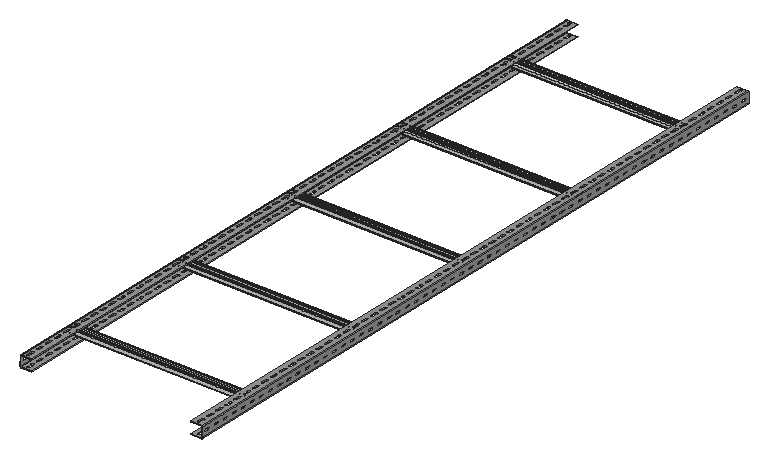
Revit family "steigeleiter_8_FT_FTSO_FTK_A2_A4.800rfa", category Generic Models, Revit 2017
Family settings
  Can host rebar = No
  Round Connector Dimension = Use Diameter
  Part Type = Normal
  Work Plane-Based = No
  Always vertical = Yes
  Cut with Voids When Loaded = No
  Shared = No
  Room Calculation Point = No
Parameters (values of type "SLM 50 C40 8 FT")
  Width 1 = Width / 2  # 400 mm
  Width = 800 mm
  URL = "http://www.obo-bettermann.com"
  Material = Hot-dip galvanised
  Manufacturer Art.No. = "6010520"
  Manufacturer = "OBO BETTERMANN"
  Length 2 = 273.5 mm
  Length = 3000 mm
  GTIN = "4012196168736"
  Cut's space 2 = 600 mm
  Cut's space = 50 mm
  Cut's number 3 = 2
  Cut's number 2 = 5
  Cut's number = Length / Cut's space  # 60
  Article Type = "SLM 50 C40 8 FT"
Reference planes
  plane 1 "Center (Front/Back)": y = 0
  plane 2: z = 0
  plane 3 "Center (Left/Right)": x = 0
  plane 4: z = 50
  plane 5: y = 3000
  plane 6: y = 273.5
Forms (mm)
  Extrusion 1, solid, material "Hot-dip galvanised" <- "Material"
    sketch origin (0, 0, 0) x (1, 0, 0) y (0, 0, 1)
      loop
        arc (-396, 2.5) -> (-397.061, 2.939) -> (-397.5, 4) r 1.5
        line (-397.5, 4) -> (-397.5, 46)
        arc (-397.5, 46) -> (-397.061, 47.061) -> (-396, 47.5) r 1.5
        line (-396, 47.5) -> (-350, 47.5) -> (-350, 50) -> (-396, 50)
        arc (-396, 50) -> (-398.828, 48.828) -> (-400, 46) r 4
        line (-400, 46) -> (-400, 4)
        arc (-400, 4) -> (-398.828, 1.172) -> (-396, 0) r 4
        line (-396, 0) -> (-350, 0) -> (-350, 2.5) -> (-396, 2.5)
      loop
        line (350, 50) -> (350, 47.5) -> (396, 47.5)
        arc (396, 47.5) -> (397.061, 47.061) -> (397.5, 46) r 1.5
        line (397.5, 46) -> (397.5, 4)
        arc (397.5, 4) -> (397.061, 2.939) -> (396, 2.5) r 1.5
        line (396, 2.5) -> (350, 2.5) -> (350, 0) -> (399.273, 0)
        arc (399.273, 0) -> (399.787, 0.213) -> (400, 0.727) r 0.727
        line (400, 0.727) -> (400, 47.011)
        arc (400, 47.011) -> (399.124, 49.124) -> (397.011, 50) r 2.989
        line (397.011, 50) -> (350, 50)
    from 0 to -3000
  Extrusion 2, void
    sketch origin (0, 0, 0) x (1, 0, 0) y (0, 1, 0)
      loop
        arc (-380.5, 15.5) -> (-375, 10) -> (-369.5, 15.5) r 5.5
        line (-369.5, 15.5) -> (-369.5, 34.5)
        arc (-369.5, 34.5) -> (-375, 40) -> (-380.5, 34.5) r 5.5
        line (-380.5, 34.5) -> (-380.5, 15.5)
    from 47.5 to 50
  Extrusion 3, void
    sketch origin (0, 50, 0) x (1, 0, 0) y (0, 1, 0)
      loop
        arc (-380.5, 15.5) -> (-375, 10) -> (-369.5, 15.5) r 5.5
        line (-369.5, 15.5) -> (-369.5, 34.5)
        arc (-369.5, 34.5) -> (-375, 40) -> (-380.5, 34.5) r 5.5
        line (-380.5, 34.5) -> (-380.5, 15.5)
    from 47.5 to 50
  Extrusion 4, void
    sketch origin (0, 100, 0) x (1, 0, 0) y (0, 1, 0)
      loop
        arc (-380.5, 15.5) -> (-375, 10) -> (-369.5, 15.5) r 5.5
        line (-369.5, 15.5) -> (-369.5, 34.5)
        arc (-369.5, 34.5) -> (-375, 40) -> (-380.5, 34.5) r 5.5
        line (-380.5, 34.5) -> (-380.5, 15.5)
    from 47.5 to 50
  Extrusion 5, void
    sketch origin (0, 150, 0) x (1, 0, 0) y (0, 1, 0)
      loop
        arc (-380.5, 15.5) -> (-375, 10) -> (-369.5, 15.5) r 5.5
        line (-369.5, 15.5) -> (-369.5, 34.5)
        arc (-369.5, 34.5) -> (-375, 40) -> (-380.5, 34.5) r 5.5
        line (-380.5, 34.5) -> (-380.5, 15.5)
    from 47.5 to 50
  Extrusion 6, void
    sketch origin (0, 200, 0) x (1, 0, 0) y (0, 1, 0)
      loop
        arc (-380.5, 15.5) -> (-375, 10) -> (-369.5, 15.5) r 5.5
        line (-369.5, 15.5) -> (-369.5, 34.5)
        arc (-369.5, 34.5) -> (-375, 40) -> (-380.5, 34.5) r 5.5
        line (-380.5, 34.5) -> (-380.5, 15.5)
    from 47.5 to 50
  Extrusion 7, void
    sketch origin (0, 250, 0) x (1, 0, 0) y (0, 1, 0)
      loop
        arc (-380.5, 15.5) -> (-375, 10) -> (-369.5, 15.5) r 5.5
        line (-369.5, 15.5) -> (-369.5, 34.5)
        arc (-369.5, 34.5) -> (-375, 40) -> (-380.5, 34.5) r 5.5
        line (-380.5, 34.5) -> (-380.5, 15.5)
    from 47.5 to 50
  Extrusion 8, void
    sketch origin (0, 300, 0) x (1, 0, 0) y (0, 1, 0)
      loop
        arc (-380.5, 15.5) -> (-375, 10) -> (-369.5, 15.5) r 5.5
        line (-369.5, 15.5) -> (-369.5, 34.5)
        arc (-369.5, 34.5) -> (-375, 40) -> (-380.5, 34.5) r 5.5
        line (-380.5, 34.5) -> (-380.5, 15.5)
    from 47.5 to 50
  Extrusion 9, void
    sketch origin (0, 350, 0) x (1, 0, 0) y (0, 1, 0)
      loop
        arc (-380.5, 15.5) -> (-375, 10) -> (-369.5, 15.5) r 5.5
        line (-369.5, 15.5) -> (-369.5, 34.5)
        arc (-369.5, 34.5) -> (-375, 40) -> (-380.5, 34.5) r 5.5
        line (-380.5, 34.5) -> (-380.5, 15.5)
    from 47.5 to 50
  Extrusion 10, void
    sketch origin (0, 400, 0) x (1, 0, 0) y (0, 1, 0)
      loop
        arc (-380.5, 15.5) -> (-375, 10) -> (-369.5, 15.5) r 5.5
        line (-369.5, 15.5) -> (-369.5, 34.5)
        arc (-369.5, 34.5) -> (-375, 40) -> (-380.5, 34.5) r 5.5
        line (-380.5, 34.5) -> (-380.5, 15.5)
    from 47.5 to 50
  Extrusion 11, void
    sketch origin (0, 450, 0) x (1, 0, 0) y (0, 1, 0)
      loop
        arc (-380.5, 15.5) -> (-375, 10) -> (-369.5, 15.5) r 5.5
        line (-369.5, 15.5) -> (-369.5, 34.5)
        arc (-369.5, 34.5) -> (-375, 40) -> (-380.5, 34.5) r 5.5
        line (-380.5, 34.5) -> (-380.5, 15.5)
    from 47.5 to 50
  Extrusion 12, void
    sketch origin (0, 500, 0) x (1, 0, 0) y (0, 1, 0)
      loop
        arc (-380.5, 15.5) -> (-375, 10) -> (-369.5, 15.5) r 5.5
        line (-369.5, 15.5) -> (-369.5, 34.5)
        arc (-369.5, 34.5) -> (-375, 40) -> (-380.5, 34.5) r 5.5
        line (-380.5, 34.5) -> (-380.5, 15.5)
    from 47.5 to 50
  Extrusion 13, void
    sketch origin (0, 550, 0) x (1, 0, 0) y (0, 1, 0)
      loop
        arc (-380.5, 15.5) -> (-375, 10) -> (-369.5, 15.5) r 5.5
        line (-369.5, 15.5) -> (-369.5, 34.5)
        arc (-369.5, 34.5) -> (-375, 40) -> (-380.5, 34.5) r 5.5
        line (-380.5, 34.5) -> (-380.5, 15.5)
    from 47.5 to 50
  Extrusion 14, void
    sketch origin (0, 600, 0) x (1, 0, 0) y (0, 1, 0)
      loop
        arc (-380.5, 15.5) -> (-375, 10) -> (-369.5, 15.5) r 5.5
        line (-369.5, 15.5) -> (-369.5, 34.5)
        arc (-369.5, 34.5) -> (-375, 40) -> (-380.5, 34.5) r 5.5
        line (-380.5, 34.5) -> (-380.5, 15.5)
    from 47.5 to 50
  Extrusion 15, void
    sketch origin (0, 650, 0) x (1, 0, 0) y (0, 1, 0)
      loop
        arc (-380.5, 15.5) -> (-375, 10) -> (-369.5, 15.5) r 5.5
        line (-369.5, 15.5) -> (-369.5, 34.5)
        arc (-369.5, 34.5) -> (-375, 40) -> (-380.5, 34.5) r 5.5
        line (-380.5, 34.5) -> (-380.5, 15.5)
    from 47.5 to 50
  Extrusion 16, void
    sketch origin (0, 700, 0) x (1, 0, 0) y (0, 1, 0)
      loop
        arc (-380.5, 15.5) -> (-375, 10) -> (-369.5, 15.5) r 5.5
        line (-369.5, 15.5) -> (-369.5, 34.5)
        arc (-369.5, 34.5) -> (-375, 40) -> (-380.5, 34.5) r 5.5
        line (-380.5, 34.5) -> (-380.5, 15.5)
    from 47.5 to 50
  Extrusion 17, void
    sketch origin (0, 750, 0) x (1, 0, 0) y (0, 1, 0)
      loop
        arc (-380.5, 15.5) -> (-375, 10) -> (-369.5, 15.5) r 5.5
        line (-369.5, 15.5) -> (-369.5, 34.5)
        arc (-369.5, 34.5) -> (-375, 40) -> (-380.5, 34.5) r 5.5
        line (-380.5, 34.5) -> (-380.5, 15.5)
    from 47.5 to 50
  Extrusion 18, void
    sketch origin (0, 800, 0) x (1, 0, 0) y (0, 1, 0)
      loop
        arc (-380.5, 15.5) -> (-375, 10) -> (-369.5, 15.5) r 5.5
        line (-369.5, 15.5) -> (-369.5, 34.5)
        arc (-369.5, 34.5) -> (-375, 40) -> (-380.5, 34.5) r 5.5
        line (-380.5, 34.5) -> (-380.5, 15.5)
    from 47.5 to 50
  Extrusion 19, void
    sketch origin (0, 850, 0) x (1, 0, 0) y (0, 1, 0)
      loop
        arc (-380.5, 15.5) -> (-375, 10) -> (-369.5, 15.5) r 5.5
        line (-369.5, 15.5) -> (-369.5, 34.5)
        arc (-369.5, 34.5) -> (-375, 40) -> (-380.5, 34.5) r 5.5
        line (-380.5, 34.5) -> (-380.5, 15.5)
    from 47.5 to 50
  Extrusion 20, void
    sketch origin (0, 900, 0) x (1, 0, 0) y (0, 1, 0)
      loop
        arc (-380.5, 15.5) -> (-375, 10) -> (-369.5, 15.5) r 5.5
        line (-369.5, 15.5) -> (-369.5, 34.5)
        arc (-369.5, 34.5) -> (-375, 40) -> (-380.5, 34.5) r 5.5
        line (-380.5, 34.5) -> (-380.5, 15.5)
    from 47.5 to 50
  Extrusion 21, void
    sketch origin (0, 950, 0) x (1, 0, 0) y (0, 1, 0)
      loop
        arc (-380.5, 15.5) -> (-375, 10) -> (-369.5, 15.5) r 5.5
        line (-369.5, 15.5) -> (-369.5, 34.5)
        arc (-369.5, 34.5) -> (-375, 40) -> (-380.5, 34.5) r 5.5
        line (-380.5, 34.5) -> (-380.5, 15.5)
    from 47.5 to 50
  Extrusion 22, void
    sketch origin (0, 1000, 0) x (1, 0, 0) y (0, 1, 0)
      loop
        arc (-380.5, 15.5) -> (-375, 10) -> (-369.5, 15.5) r 5.5
        line (-369.5, 15.5) -> (-369.5, 34.5)
        arc (-369.5, 34.5) -> (-375, 40) -> (-380.5, 34.5) r 5.5
        line (-380.5, 34.5) -> (-380.5, 15.5)
    from 47.5 to 50
  Extrusion 23, void
    sketch origin (0, 1050, 0) x (1, 0, 0) y (0, 1, 0)
      loop
        arc (-380.5, 15.5) -> (-375, 10) -> (-369.5, 15.5) r 5.5
        line (-369.5, 15.5) -> (-369.5, 34.5)
        arc (-369.5, 34.5) -> (-375, 40) -> (-380.5, 34.5) r 5.5
        line (-380.5, 34.5) -> (-380.5, 15.5)
    from 47.5 to 50
  Extrusion 24, void
    sketch origin (0, 1100, 0) x (1, 0, 0) y (0, 1, 0)
      loop
        arc (-380.5, 15.5) -> (-375, 10) -> (-369.5, 15.5) r 5.5
        line (-369.5, 15.5) -> (-369.5, 34.5)
        arc (-369.5, 34.5) -> (-375, 40) -> (-380.5, 34.5) r 5.5
        line (-380.5, 34.5) -> (-380.5, 15.5)
    from 47.5 to 50
  Extrusion 25, void
    sketch origin (0, 1150, 0) x (1, 0, 0) y (0, 1, 0)
      loop
        arc (-380.5, 15.5) -> (-375, 10) -> (-369.5, 15.5) r 5.5
        line (-369.5, 15.5) -> (-369.5, 34.5)
        arc (-369.5, 34.5) -> (-375, 40) -> (-380.5, 34.5) r 5.5
        line (-380.5, 34.5) -> (-380.5, 15.5)
    from 47.5 to 50
  Extrusion 26, void
    sketch origin (0, 1200, 0) x (1, 0, 0) y (0, 1, 0)
      loop
        arc (-380.5, 15.5) -> (-375, 10) -> (-369.5, 15.5) r 5.5
        line (-369.5, 15.5) -> (-369.5, 34.5)
        arc (-369.5, 34.5) -> (-375, 40) -> (-380.5, 34.5) r 5.5
        line (-380.5, 34.5) -> (-380.5, 15.5)
    from 47.5 to 50
  Extrusion 27, void
    sketch origin (0, 1250, 0) x (1, 0, 0) y (0, 1, 0)
      loop
        arc (-380.5, 15.5) -> (-375, 10) -> (-369.5, 15.5) r 5.5
        line (-369.5, 15.5) -> (-369.5, 34.5)
        arc (-369.5, 34.5) -> (-375, 40) -> (-380.5, 34.5) r 5.5
        line (-380.5, 34.5) -> (-380.5, 15.5)
    from 47.5 to 50
  Extrusion 28, void
    sketch origin (0, 1300, 0) x (1, 0, 0) y (0, 1, 0)
      loop
        arc (-380.5, 15.5) -> (-375, 10) -> (-369.5, 15.5) r 5.5
        line (-369.5, 15.5) -> (-369.5, 34.5)
        arc (-369.5, 34.5) -> (-375, 40) -> (-380.5, 34.5) r 5.5
        line (-380.5, 34.5) -> (-380.5, 15.5)
    from 47.5 to 50
  Extrusion 29, void
    sketch origin (0, 1350, 0) x (1, 0, 0) y (0, 1, 0)
      loop
        arc (-380.5, 15.5) -> (-375, 10) -> (-369.5, 15.5) r 5.5
        line (-369.5, 15.5) -> (-369.5, 34.5)
        arc (-369.5, 34.5) -> (-375, 40) -> (-380.5, 34.5) r 5.5
        line (-380.5, 34.5) -> (-380.5, 15.5)
    from 47.5 to 50
  Extrusion 30, void
    sketch origin (0, 1400, 0) x (1, 0, 0) y (0, 1, 0)
      loop
        arc (-380.5, 15.5) -> (-375, 10) -> (-369.5, 15.5) r 5.5
        line (-369.5, 15.5) -> (-369.5, 34.5)
        arc (-369.5, 34.5) -> (-375, 40) -> (-380.5, 34.5) r 5.5
        line (-380.5, 34.5) -> (-380.5, 15.5)
    from 47.5 to 50
  Extrusion 31, void
    sketch origin (0, 1450, 0) x (1, 0, 0) y (0, 1, 0)
      loop
        arc (-380.5, 15.5) -> (-375, 10) -> (-369.5, 15.5) r 5.5
        line (-369.5, 15.5) -> (-369.5, 34.5)
        arc (-369.5, 34.5) -> (-375, 40) -> (-380.5, 34.5) r 5.5
        line (-380.5, 34.5) -> (-380.5, 15.5)
    from 47.5 to 50
  Extrusion 32, void
    sketch origin (0, 1500, 0) x (1, 0, 0) y (0, 1, 0)
      loop
        arc (-380.5, 15.5) -> (-375, 10) -> (-369.5, 15.5) r 5.5
        line (-369.5, 15.5) -> (-369.5, 34.5)
        arc (-369.5, 34.5) -> (-375, 40) -> (-380.5, 34.5) r 5.5
        line (-380.5, 34.5) -> (-380.5, 15.5)
    from 47.5 to 50
  Extrusion 33, void
    sketch origin (0, 1550, 0) x (1, 0, 0) y (0, 1, 0)
      loop
        arc (-380.5, 15.5) -> (-375, 10) -> (-369.5, 15.5) r 5.5
        line (-369.5, 15.5) -> (-369.5, 34.5)
        arc (-369.5, 34.5) -> (-375, 40) -> (-380.5, 34.5) r 5.5
        line (-380.5, 34.5) -> (-380.5, 15.5)
    from 47.5 to 50
  Extrusion 34, void
    sketch origin (0, 1600, 0) x (1, 0, 0) y (0, 1, 0)
      loop
        arc (-380.5, 15.5) -> (-375, 10) -> (-369.5, 15.5) r 5.5
        line (-369.5, 15.5) -> (-369.5, 34.5)
        arc (-369.5, 34.5) -> (-375, 40) -> (-380.5, 34.5) r 5.5
        line (-380.5, 34.5) -> (-380.5, 15.5)
    from 47.5 to 50
  Extrusion 35, void
    sketch origin (0, 1650, 0) x (1, 0, 0) y (0, 1, 0)
      loop
        arc (-380.5, 15.5) -> (-375, 10) -> (-369.5, 15.5) r 5.5
        line (-369.5, 15.5) -> (-369.5, 34.5)
        arc (-369.5, 34.5) -> (-375, 40) -> (-380.5, 34.5) r 5.5
        line (-380.5, 34.5) -> (-380.5, 15.5)
    from 47.5 to 50
  Extrusion 36, void
    sketch origin (0, 1700, 0) x (1, 0, 0) y (0, 1, 0)
      loop
        arc (-380.5, 15.5) -> (-375, 10) -> (-369.5, 15.5) r 5.5
        line (-369.5, 15.5) -> (-369.5, 34.5)
        arc (-369.5, 34.5) -> (-375, 40) -> (-380.5, 34.5) r 5.5
        line (-380.5, 34.5) -> (-380.5, 15.5)
    from 47.5 to 50
  Extrusion 37, void
    sketch origin (0, 1750, 0) x (1, 0, 0) y (0, 1, 0)
      loop
        arc (-380.5, 15.5) -> (-375, 10) -> (-369.5, 15.5) r 5.5
        line (-369.5, 15.5) -> (-369.5, 34.5)
        arc (-369.5, 34.5) -> (-375, 40) -> (-380.5, 34.5) r 5.5
        line (-380.5, 34.5) -> (-380.5, 15.5)
    from 47.5 to 50
  Extrusion 38, void
    sketch origin (0, 1800, 0) x (1, 0, 0) y (0, 1, 0)
      loop
        arc (-380.5, 15.5) -> (-375, 10) -> (-369.5, 15.5) r 5.5
        line (-369.5, 15.5) -> (-369.5, 34.5)
        arc (-369.5, 34.5) -> (-375, 40) -> (-380.5, 34.5) r 5.5
        line (-380.5, 34.5) -> (-380.5, 15.5)
    from 47.5 to 50
  Extrusion 39, void
    sketch origin (0, 1850, 0) x (1, 0, 0) y (0, 1, 0)
      loop
        arc (-380.5, 15.5) -> (-375, 10) -> (-369.5, 15.5) r 5.5
        line (-369.5, 15.5) -> (-369.5, 34.5)
        arc (-369.5, 34.5) -> (-375, 40) -> (-380.5, 34.5) r 5.5
        line (-380.5, 34.5) -> (-380.5, 15.5)
    from 47.5 to 50
  Extrusion 40, void
    sketch origin (0, 1900, 0) x (1, 0, 0) y (0, 1, 0)
      loop
        arc (-380.5, 15.5) -> (-375, 10) -> (-369.5, 15.5) r 5.5
        line (-369.5, 15.5) -> (-369.5, 34.5)
        arc (-369.5, 34.5) -> (-375, 40) -> (-380.5, 34.5) r 5.5
        line (-380.5, 34.5) -> (-380.5, 15.5)
    from 47.5 to 50
  Extrusion 41, void
    sketch origin (0, 1950, 0) x (1, 0, 0) y (0, 1, 0)
      loop
        arc (-380.5, 15.5) -> (-375, 10) -> (-369.5, 15.5) r 5.5
        line (-369.5, 15.5) -> (-369.5, 34.5)
        arc (-369.5, 34.5) -> (-375, 40) -> (-380.5, 34.5) r 5.5
        line (-380.5, 34.5) -> (-380.5, 15.5)
    from 47.5 to 50
  Extrusion 42, void
    sketch origin (0, 2000, 0) x (1, 0, 0) y (0, 1, 0)
      loop
        arc (-380.5, 15.5) -> (-375, 10) -> (-369.5, 15.5) r 5.5
        line (-369.5, 15.5) -> (-369.5, 34.5)
        arc (-369.5, 34.5) -> (-375, 40) -> (-380.5, 34.5) r 5.5
        line (-380.5, 34.5) -> (-380.5, 15.5)
    from 47.5 to 50
  Extrusion 43, void
    sketch origin (0, 2050, 0) x (1, 0, 0) y (0, 1, 0)
      loop
        arc (-380.5, 15.5) -> (-375, 10) -> (-369.5, 15.5) r 5.5
        line (-369.5, 15.5) -> (-369.5, 34.5)
        arc (-369.5, 34.5) -> (-375, 40) -> (-380.5, 34.5) r 5.5
        line (-380.5, 34.5) -> (-380.5, 15.5)
    from 47.5 to 50
  Extrusion 44, void
    sketch origin (0, 2100, 0) x (1, 0, 0) y (0, 1, 0)
      loop
        arc (-380.5, 15.5) -> (-375, 10) -> (-369.5, 15.5) r 5.5
        line (-369.5, 15.5) -> (-369.5, 34.5)
        arc (-369.5, 34.5) -> (-375, 40) -> (-380.5, 34.5) r 5.5
        line (-380.5, 34.5) -> (-380.5, 15.5)
    from 47.5 to 50
  Extrusion 45, void
    sketch origin (0, 2150, 0) x (1, 0, 0) y (0, 1, 0)
      loop
        arc (-380.5, 15.5) -> (-375, 10) -> (-369.5, 15.5) r 5.5
        line (-369.5, 15.5) -> (-369.5, 34.5)
        arc (-369.5, 34.5) -> (-375, 40) -> (-380.5, 34.5) r 5.5
        line (-380.5, 34.5) -> (-380.5, 15.5)
    from 47.5 to 50
  Extrusion 46, void
    sketch origin (0, 2200, 0) x (1, 0, 0) y (0, 1, 0)
      loop
        arc (-380.5, 15.5) -> (-375, 10) -> (-369.5, 15.5) r 5.5
        line (-369.5, 15.5) -> (-369.5, 34.5)
        arc (-369.5, 34.5) -> (-375, 40) -> (-380.5, 34.5) r 5.5
        line (-380.5, 34.5) -> (-380.5, 15.5)
    from 47.5 to 50
  Extrusion 47, void
    sketch origin (0, 2250, 0) x (1, 0, 0) y (0, 1, 0)
      loop
        arc (-380.5, 15.5) -> (-375, 10) -> (-369.5, 15.5) r 5.5
        line (-369.5, 15.5) -> (-369.5, 34.5)
        arc (-369.5, 34.5) -> (-375, 40) -> (-380.5, 34.5) r 5.5
        line (-380.5, 34.5) -> (-380.5, 15.5)
    from 47.5 to 50
  Extrusion 48, void
    sketch origin (0, 2300, 0) x (1, 0, 0) y (0, 1, 0)
      loop
        arc (-380.5, 15.5) -> (-375, 10) -> (-369.5, 15.5) r 5.5
        line (-369.5, 15.5) -> (-369.5, 34.5)
        arc (-369.5, 34.5) -> (-375, 40) -> (-380.5, 34.5) r 5.5
        line (-380.5, 34.5) -> (-380.5, 15.5)
    from 47.5 to 50
  Extrusion 49, void
    sketch origin (0, 2350, 0) x (1, 0, 0) y (0, 1, 0)
      loop
        arc (-380.5, 15.5) -> (-375, 10) -> (-369.5, 15.5) r 5.5
        line (-369.5, 15.5) -> (-369.5, 34.5)
        arc (-369.5, 34.5) -> (-375, 40) -> (-380.5, 34.5) r 5.5
        line (-380.5, 34.5) -> (-380.5, 15.5)
    from 47.5 to 50
  Extrusion 50, void
    sketch origin (0, 2400, 0) x (1, 0, 0) y (0, 1, 0)
      loop
        arc (-380.5, 15.5) -> (-375, 10) -> (-369.5, 15.5) r 5.5
        line (-369.5, 15.5) -> (-369.5, 34.5)
        arc (-369.5, 34.5) -> (-375, 40) -> (-380.5, 34.5) r 5.5
        line (-380.5, 34.5) -> (-380.5, 15.5)
    from 47.5 to 50
  Extrusion 51, void
    sketch origin (0, 2450, 0) x (1, 0, 0) y (0, 1, 0)
      loop
        arc (-380.5, 15.5) -> (-375, 10) -> (-369.5, 15.5) r 5.5
        line (-369.5, 15.5) -> (-369.5, 34.5)
        arc (-369.5, 34.5) -> (-375, 40) -> (-380.5, 34.5) r 5.5
        line (-380.5, 34.5) -> (-380.5, 15.5)
    from 47.5 to 50
  Extrusion 52, void
    sketch origin (0, 2500, 0) x (1, 0, 0) y (0, 1, 0)
      loop
        arc (-380.5, 15.5) -> (-375, 10) -> (-369.5, 15.5) r 5.5
        line (-369.5, 15.5) -> (-369.5, 34.5)
        arc (-369.5, 34.5) -> (-375, 40) -> (-380.5, 34.5) r 5.5
        line (-380.5, 34.5) -> (-380.5, 15.5)
    from 47.5 to 50
  Extrusion 53, void
    sketch origin (0, 2550, 0) x (1, 0, 0) y (0, 1, 0)
      loop
        arc (-380.5, 15.5) -> (-375, 10) -> (-369.5, 15.5) r 5.5
        line (-369.5, 15.5) -> (-369.5, 34.5)
        arc (-369.5, 34.5) -> (-375, 40) -> (-380.5, 34.5) r 5.5
        line (-380.5, 34.5) -> (-380.5, 15.5)
    from 47.5 to 50
  Extrusion 54, void
    sketch origin (0, 2600, 0) x (1, 0, 0) y (0, 1, 0)
      loop
        arc (-380.5, 15.5) -> (-375, 10) -> (-369.5, 15.5) r 5.5
        line (-369.5, 15.5) -> (-369.5, 34.5)
        arc (-369.5, 34.5) -> (-375, 40) -> (-380.5, 34.5) r 5.5
        line (-380.5, 34.5) -> (-380.5, 15.5)
    from 47.5 to 50
  Extrusion 55, void
    sketch origin (0, 2650, 0) x (1, 0, 0) y (0, 1, 0)
      loop
        arc (-380.5, 15.5) -> (-375, 10) -> (-369.5, 15.5) r 5.5
        line (-369.5, 15.5) -> (-369.5, 34.5)
        arc (-369.5, 34.5) -> (-375, 40) -> (-380.5, 34.5) r 5.5
        line (-380.5, 34.5) -> (-380.5, 15.5)
    from 47.5 to 50
  Extrusion 56, void
    sketch origin (0, 2700, 0) x (1, 0, 0) y (0, 1, 0)
      loop
        arc (-380.5, 15.5) -> (-375, 10) -> (-369.5, 15.5) r 5.5
        line (-369.5, 15.5) -> (-369.5, 34.5)
        arc (-369.5, 34.5) -> (-375, 40) -> (-380.5, 34.5) r 5.5
        line (-380.5, 34.5) -> (-380.5, 15.5)
    from 47.5 to 50
  Extrusion 57, void
    sketch origin (0, 2750, 0) x (1, 0, 0) y (0, 1, 0)
      loop
        arc (-380.5, 15.5) -> (-375, 10) -> (-369.5, 15.5) r 5.5
        line (-369.5, 15.5) -> (-369.5, 34.5)
        arc (-369.5, 34.5) -> (-375, 40) -> (-380.5, 34.5) r 5.5
        line (-380.5, 34.5) -> (-380.5, 15.5)
    from 47.5 to 50
  Extrusion 58, void
    sketch origin (0, 2800, 0) x (1, 0, 0) y (0, 1, 0)
      loop
        arc (-380.5, 15.5) -> (-375, 10) -> (-369.5, 15.5) r 5.5
        line (-369.5, 15.5) -> (-369.5, 34.5)
        arc (-369.5, 34.5) -> (-375, 40) -> (-380.5, 34.5) r 5.5
        line (-380.5, 34.5) -> (-380.5, 15.5)
    from 47.5 to 50
  Extrusion 59, void
    sketch origin (0, 2850, 0) x (1, 0, 0) y (0, 1, 0)
      loop
        arc (-380.5, 15.5) -> (-375, 10) -> (-369.5, 15.5) r 5.5
        line (-369.5, 15.5) -> (-369.5, 34.5)
        arc (-369.5, 34.5) -> (-375, 40) -> (-380.5, 34.5) r 5.5
        line (-380.5, 34.5) -> (-380.5, 15.5)
    from 47.5 to 50
  Extrusion 60, void
    sketch origin (0, 2900, 0) x (1, 0, 0) y (0, 1, 0)
      loop
        arc (-380.5, 15.5) -> (-375, 10) -> (-369.5, 15.5) r 5.5
        line (-369.5, 15.5) -> (-369.5, 34.5)
        arc (-369.5, 34.5) -> (-375, 40) -> (-380.5, 34.5) r 5.5
        line (-380.5, 34.5) -> (-380.5, 15.5)
    from 47.5 to 50
  Extrusion 61, void
    sketch origin (0, 2950, 0) x (1, 0, 0) y (0, 1, 0)
      loop
        arc (-380.5, 15.5) -> (-375, 10) -> (-369.5, 15.5) r 5.5
        line (-369.5, 15.5) -> (-369.5, 34.5)
        arc (-369.5, 34.5) -> (-375, 40) -> (-380.5, 34.5) r 5.5
        line (-380.5, 34.5) -> (-380.5, 15.5)
    from 47.5 to 50
  Extrusion 62, void
    sketch origin (0, 0, 0) x (1, 0, 0) y (0, 1, 0)
      loop
        arc (369.5, 15.5) -> (375, 10) -> (380.5, 15.5) r 5.5
        line (380.5, 15.5) -> (380.5, 34.5)
        arc (380.5, 34.5) -> (375, 40) -> (369.5, 34.5) r 5.5
        line (369.5, 34.5) -> (369.5, 15.5)
    from 47.5 to 50
  Extrusion 63, void
    sketch origin (0, 50, 0) x (1, 0, 0) y (0, 1, 0)
      loop
        arc (369.5, 15.5) -> (375, 10) -> (380.5, 15.5) r 5.5
        line (380.5, 15.5) -> (380.5, 34.5)
        arc (380.5, 34.5) -> (375, 40) -> (369.5, 34.5) r 5.5
        line (369.5, 34.5) -> (369.5, 15.5)
    from 47.5 to 50
  Extrusion 64, void
    sketch origin (0, 100, 0) x (1, 0, 0) y (0, 1, 0)
      loop
        arc (369.5, 15.5) -> (375, 10) -> (380.5, 15.5) r 5.5
        line (380.5, 15.5) -> (380.5, 34.5)
        arc (380.5, 34.5) -> (375, 40) -> (369.5, 34.5) r 5.5
        line (369.5, 34.5) -> (369.5, 15.5)
    from 47.5 to 50
  Extrusion 65, void
    sketch origin (0, 150, 0) x (1, 0, 0) y (0, 1, 0)
      loop
        arc (369.5, 15.5) -> (375, 10) -> (380.5, 15.5) r 5.5
        line (380.5, 15.5) -> (380.5, 34.5)
        arc (380.5, 34.5) -> (375, 40) -> (369.5, 34.5) r 5.5
        line (369.5, 34.5) -> (369.5, 15.5)
    from 47.5 to 50
  Extrusion 66, void
    sketch origin (0, 200, 0) x (1, 0, 0) y (0, 1, 0)
      loop
        arc (369.5, 15.5) -> (375, 10) -> (380.5, 15.5) r 5.5
        line (380.5, 15.5) -> (380.5, 34.5)
        arc (380.5, 34.5) -> (375, 40) -> (369.5, 34.5) r 5.5
        line (369.5, 34.5) -> (369.5, 15.5)
    from 47.5 to 50
  Extrusion 67, void
    sketch origin (0, 250, 0) x (1, 0, 0) y (0, 1, 0)
      loop
        arc (369.5, 15.5) -> (375, 10) -> (380.5, 15.5) r 5.5
        line (380.5, 15.5) -> (380.5, 34.5)
        arc (380.5, 34.5) -> (375, 40) -> (369.5, 34.5) r 5.5
        line (369.5, 34.5) -> (369.5, 15.5)
    from 47.5 to 50
  Extrusion 68, void
    sketch origin (0, 300, 0) x (1, 0, 0) y (0, 1, 0)
      loop
        arc (369.5, 15.5) -> (375, 10) -> (380.5, 15.5) r 5.5
        line (380.5, 15.5) -> (380.5, 34.5)
        arc (380.5, 34.5) -> (375, 40) -> (369.5, 34.5) r 5.5
        line (369.5, 34.5) -> (369.5, 15.5)
    from 47.5 to 50
  Extrusion 69, void
    sketch origin (0, 350, 0) x (1, 0, 0) y (0, 1, 0)
      loop
        arc (369.5, 15.5) -> (375, 10) -> (380.5, 15.5) r 5.5
        line (380.5, 15.5) -> (380.5, 34.5)
        arc (380.5, 34.5) -> (375, 40) -> (369.5, 34.5) r 5.5
        line (369.5, 34.5) -> (369.5, 15.5)
    from 47.5 to 50
  Extrusion 70, void
    sketch origin (0, 400, 0) x (1, 0, 0) y (0, 1, 0)
      loop
        arc (369.5, 15.5) -> (375, 10) -> (380.5, 15.5) r 5.5
        line (380.5, 15.5) -> (380.5, 34.5)
        arc (380.5, 34.5) -> (375, 40) -> (369.5, 34.5) r 5.5
        line (369.5, 34.5) -> (369.5, 15.5)
    from 47.5 to 50
  Extrusion 71, void
    sketch origin (0, 450, 0) x (1, 0, 0) y (0, 1, 0)
      loop
        arc (369.5, 15.5) -> (375, 10) -> (380.5, 15.5) r 5.5
        line (380.5, 15.5) -> (380.5, 34.5)
        arc (380.5, 34.5) -> (375, 40) -> (369.5, 34.5) r 5.5
        line (369.5, 34.5) -> (369.5, 15.5)
    from 47.5 to 50
  Extrusion 72, void
    sketch origin (0, 500, 0) x (1, 0, 0) y (0, 1, 0)
      loop
        arc (369.5, 15.5) -> (375, 10) -> (380.5, 15.5) r 5.5
        line (380.5, 15.5) -> (380.5, 34.5)
        arc (380.5, 34.5) -> (375, 40) -> (369.5, 34.5) r 5.5
        line (369.5, 34.5) -> (369.5, 15.5)
    from 47.5 to 50
  Extrusion 73, void
    sketch origin (0, 550, 0) x (1, 0, 0) y (0, 1, 0)
      loop
        arc (369.5, 15.5) -> (375, 10) -> (380.5, 15.5) r 5.5
        line (380.5, 15.5) -> (380.5, 34.5)
        arc (380.5, 34.5) -> (375, 40) -> (369.5, 34.5) r 5.5
        line (369.5, 34.5) -> (369.5, 15.5)
    from 47.5 to 50
  Extrusion 74, void
    sketch origin (0, 600, 0) x (1, 0, 0) y (0, 1, 0)
      loop
        arc (369.5, 15.5) -> (375, 10) -> (380.5, 15.5) r 5.5
        line (380.5, 15.5) -> (380.5, 34.5)
        arc (380.5, 34.5) -> (375, 40) -> (369.5, 34.5) r 5.5
        line (369.5, 34.5) -> (369.5, 15.5)
    from 47.5 to 50
  Extrusion 75, void
    sketch origin (0, 650, 0) x (1, 0, 0) y (0, 1, 0)
      loop
        arc (369.5, 15.5) -> (375, 10) -> (380.5, 15.5) r 5.5
        line (380.5, 15.5) -> (380.5, 34.5)
        arc (380.5, 34.5) -> (375, 40) -> (369.5, 34.5) r 5.5
        line (369.5, 34.5) -> (369.5, 15.5)
    from 47.5 to 50
  Extrusion 76, void
    sketch origin (0, 700, 0) x (1, 0, 0) y (0, 1, 0)
      loop
        arc (369.5, 15.5) -> (375, 10) -> (380.5, 15.5) r 5.5
        line (380.5, 15.5) -> (380.5, 34.5)
        arc (380.5, 34.5) -> (375, 40) -> (369.5, 34.5) r 5.5
        line (369.5, 34.5) -> (369.5, 15.5)
    from 47.5 to 50
  Extrusion 77, void
    sketch origin (0, 750, 0) x (1, 0, 0) y (0, 1, 0)
      loop
        arc (369.5, 15.5) -> (375, 10) -> (380.5, 15.5) r 5.5
        line (380.5, 15.5) -> (380.5, 34.5)
        arc (380.5, 34.5) -> (375, 40) -> (369.5, 34.5) r 5.5
        line (369.5, 34.5) -> (369.5, 15.5)
    from 47.5 to 50
  Extrusion 78, void
    sketch origin (0, 800, 0) x (1, 0, 0) y (0, 1, 0)
      loop
        arc (369.5, 15.5) -> (375, 10) -> (380.5, 15.5) r 5.5
        line (380.5, 15.5) -> (380.5, 34.5)
        arc (380.5, 34.5) -> (375, 40) -> (369.5, 34.5) r 5.5
        line (369.5, 34.5) -> (369.5, 15.5)
    from 47.5 to 50
  Extrusion 79, void
    sketch origin (0, 850, 0) x (1, 0, 0) y (0, 1, 0)
      loop
        arc (369.5, 15.5) -> (375, 10) -> (380.5, 15.5) r 5.5
        line (380.5, 15.5) -> (380.5, 34.5)
        arc (380.5, 34.5) -> (375, 40) -> (369.5, 34.5) r 5.5
        line (369.5, 34.5) -> (369.5, 15.5)
    from 47.5 to 50
  Extrusion 80, void
    sketch origin (0, 900, 0) x (1, 0, 0) y (0, 1, 0)
      loop
        arc (369.5, 15.5) -> (375, 10) -> (380.5, 15.5) r 5.5
        line (380.5, 15.5) -> (380.5, 34.5)
        arc (380.5, 34.5) -> (375, 40) -> (369.5, 34.5) r 5.5
        line (369.5, 34.5) -> (369.5, 15.5)
    from 47.5 to 50
  Extrusion 81, void
    sketch origin (0, 950, 0) x (1, 0, 0) y (0, 1, 0)
      loop
        arc (369.5, 15.5) -> (375, 10) -> (380.5, 15.5) r 5.5
        line (380.5, 15.5) -> (380.5, 34.5)
        arc (380.5, 34.5) -> (375, 40) -> (369.5, 34.5) r 5.5
        line (369.5, 34.5) -> (369.5, 15.5)
    from 47.5 to 50
  Extrusion 82, void
    sketch origin (0, 1000, 0) x (1, 0, 0) y (0, 1, 0)
      loop
        arc (369.5, 15.5) -> (375, 10) -> (380.5, 15.5) r 5.5
        line (380.5, 15.5) -> (380.5, 34.5)
        arc (380.5, 34.5) -> (375, 40) -> (369.5, 34.5) r 5.5
        line (369.5, 34.5) -> (369.5, 15.5)
    from 47.5 to 50
  Extrusion 83, void
    sketch origin (0, 1050, 0) x (1, 0, 0) y (0, 1, 0)
      loop
        arc (369.5, 15.5) -> (375, 10) -> (380.5, 15.5) r 5.5
        line (380.5, 15.5) -> (380.5, 34.5)
        arc (380.5, 34.5) -> (375, 40) -> (369.5, 34.5) r 5.5
        line (369.5, 34.5) -> (369.5, 15.5)
    from 47.5 to 50
  Extrusion 84, void
    sketch origin (0, 1100, 0) x (1, 0, 0) y (0, 1, 0)
      loop
        arc (369.5, 15.5) -> (375, 10) -> (380.5, 15.5) r 5.5
        line (380.5, 15.5) -> (380.5, 34.5)
        arc (380.5, 34.5) -> (375, 40) -> (369.5, 34.5) r 5.5
        line (369.5, 34.5) -> (369.5, 15.5)
    from 47.5 to 50
  Extrusion 85, void
    sketch origin (0, 1150, 0) x (1, 0, 0) y (0, 1, 0)
      loop
        arc (369.5, 15.5) -> (375, 10) -> (380.5, 15.5) r 5.5
        line (380.5, 15.5) -> (380.5, 34.5)
        arc (380.5, 34.5) -> (375, 40) -> (369.5, 34.5) r 5.5
        line (369.5, 34.5) -> (369.5, 15.5)
    from 47.5 to 50
  Extrusion 86, void
    sketch origin (0, 1200, 0) x (1, 0, 0) y (0, 1, 0)
      loop
        arc (369.5, 15.5) -> (375, 10) -> (380.5, 15.5) r 5.5
        line (380.5, 15.5) -> (380.5, 34.5)
        arc (380.5, 34.5) -> (375, 40) -> (369.5, 34.5) r 5.5
        line (369.5, 34.5) -> (369.5, 15.5)
    from 47.5 to 50
  Extrusion 87, void
    sketch origin (0, 1250, 0) x (1, 0, 0) y (0, 1, 0)
      loop
        arc (369.5, 15.5) -> (375, 10) -> (380.5, 15.5) r 5.5
        line (380.5, 15.5) -> (380.5, 34.5)
        arc (380.5, 34.5) -> (375, 40) -> (369.5, 34.5) r 5.5
        line (369.5, 34.5) -> (369.5, 15.5)
    from 47.5 to 50
  Extrusion 88, void
    sketch origin (0, 1300, 0) x (1, 0, 0) y (0, 1, 0)
      loop
        arc (369.5, 15.5) -> (375, 10) -> (380.5, 15.5) r 5.5
        line (380.5, 15.5) -> (380.5, 34.5)
        arc (380.5, 34.5) -> (375, 40) -> (369.5, 34.5) r 5.5
        line (369.5, 34.5) -> (369.5, 15.5)
    from 47.5 to 50
  Extrusion 89, void
    sketch origin (0, 1350, 0) x (1, 0, 0) y (0, 1, 0)
      loop
        arc (369.5, 15.5) -> (375, 10) -> (380.5, 15.5) r 5.5
        line (380.5, 15.5) -> (380.5, 34.5)
        arc (380.5, 34.5) -> (375, 40) -> (369.5, 34.5) r 5.5
        line (369.5, 34.5) -> (369.5, 15.5)
    from 47.5 to 50
  Extrusion 90, void
    sketch origin (0, 1400, 0) x (1, 0, 0) y (0, 1, 0)
      loop
        arc (369.5, 15.5) -> (375, 10) -> (380.5, 15.5) r 5.5
        line (380.5, 15.5) -> (380.5, 34.5)
        arc (380.5, 34.5) -> (375, 40) -> (369.5, 34.5) r 5.5
        line (369.5, 34.5) -> (369.5, 15.5)
    from 47.5 to 50
  Extrusion 91, void
    sketch origin (0, 1450, 0) x (1, 0, 0) y (0, 1, 0)
      loop
        arc (369.5, 15.5) -> (375, 10) -> (380.5, 15.5) r 5.5
        line (380.5, 15.5) -> (380.5, 34.5)
        arc (380.5, 34.5) -> (375, 40) -> (369.5, 34.5) r 5.5
        line (369.5, 34.5) -> (369.5, 15.5)
    from 47.5 to 50
  Extrusion 92, void
    sketch origin (0, 1500, 0) x (1, 0, 0) y (0, 1, 0)
      loop
        arc (369.5, 15.5) -> (375, 10) -> (380.5, 15.5) r 5.5
        line (380.5, 15.5) -> (380.5, 34.5)
        arc (380.5, 34.5) -> (375, 40) -> (369.5, 34.5) r 5.5
        line (369.5, 34.5) -> (369.5, 15.5)
    from 47.5 to 50
  Extrusion 93, void
    sketch origin (0, 1550, 0) x (1, 0, 0) y (0, 1, 0)
      loop
        arc (369.5, 15.5) -> (375, 10) -> (380.5, 15.5) r 5.5
        line (380.5, 15.5) -> (380.5, 34.5)
        arc (380.5, 34.5) -> (375, 40) -> (369.5, 34.5) r 5.5
        line (369.5, 34.5) -> (369.5, 15.5)
    from 47.5 to 50
  Extrusion 94, void
    sketch origin (0, 1600, 0) x (1, 0, 0) y (0, 1, 0)
      loop
        arc (369.5, 15.5) -> (375, 10) -> (380.5, 15.5) r 5.5
        line (380.5, 15.5) -> (380.5, 34.5)
        arc (380.5, 34.5) -> (375, 40) -> (369.5, 34.5) r 5.5
        line (369.5, 34.5) -> (369.5, 15.5)
    from 47.5 to 50
  Extrusion 95, void
    sketch origin (0, 1650, 0) x (1, 0, 0) y (0, 1, 0)
      loop
        arc (369.5, 15.5) -> (375, 10) -> (380.5, 15.5) r 5.5
        line (380.5, 15.5) -> (380.5, 34.5)
        arc (380.5, 34.5) -> (375, 40) -> (369.5, 34.5) r 5.5
        line (369.5, 34.5) -> (369.5, 15.5)
    from 47.5 to 50
  Extrusion 96, void
    sketch origin (0, 1700, 0) x (1, 0, 0) y (0, 1, 0)
      loop
        arc (369.5, 15.5) -> (375, 10) -> (380.5, 15.5) r 5.5
        line (380.5, 15.5) -> (380.5, 34.5)
        arc (380.5, 34.5) -> (375, 40) -> (369.5, 34.5) r 5.5
        line (369.5, 34.5) -> (369.5, 15.5)
    from 47.5 to 50
  Extrusion 97, void
    sketch origin (0, 1750, 0) x (1, 0, 0) y (0, 1, 0)
      loop
        arc (369.5, 15.5) -> (375, 10) -> (380.5, 15.5) r 5.5
        line (380.5, 15.5) -> (380.5, 34.5)
        arc (380.5, 34.5) -> (375, 40) -> (369.5, 34.5) r 5.5
        line (369.5, 34.5) -> (369.5, 15.5)
    from 47.5 to 50
  Extrusion 98, void
    sketch origin (0, 1800, 0) x (1, 0, 0) y (0, 1, 0)
      loop
        arc (369.5, 15.5) -> (375, 10) -> (380.5, 15.5) r 5.5
        line (380.5, 15.5) -> (380.5, 34.5)
        arc (380.5, 34.5) -> (375, 40) -> (369.5, 34.5) r 5.5
        line (369.5, 34.5) -> (369.5, 15.5)
    from 47.5 to 50
  Extrusion 99, void
    sketch origin (0, 1850, 0) x (1, 0, 0) y (0, 1, 0)
      loop
        arc (369.5, 15.5) -> (375, 10) -> (380.5, 15.5) r 5.5
        line (380.5, 15.5) -> (380.5, 34.5)
        arc (380.5, 34.5) -> (375, 40) -> (369.5, 34.5) r 5.5
        line (369.5, 34.5) -> (369.5, 15.5)
    from 47.5 to 50
  Extrusion 100, void
    sketch origin (0, 1900, 0) x (1, 0, 0) y (0, 1, 0)
      loop
        arc (369.5, 15.5) -> (375, 10) -> (380.5, 15.5) r 5.5
        line (380.5, 15.5) -> (380.5, 34.5)
        arc (380.5, 34.5) -> (375, 40) -> (369.5, 34.5) r 5.5
        line (369.5, 34.5) -> (369.5, 15.5)
    from 47.5 to 50
  Extrusion 101, void
    sketch origin (0, 1950, 0) x (1, 0, 0) y (0, 1, 0)
      loop
        arc (369.5, 15.5) -> (375, 10) -> (380.5, 15.5) r 5.5
        line (380.5, 15.5) -> (380.5, 34.5)
        arc (380.5, 34.5) -> (375, 40) -> (369.5, 34.5) r 5.5
        line (369.5, 34.5) -> (369.5, 15.5)
    from 47.5 to 50
  Extrusion 102, void
    sketch origin (0, 2000, 0) x (1, 0, 0) y (0, 1, 0)
      loop
        arc (369.5, 15.5) -> (375, 10) -> (380.5, 15.5) r 5.5
        line (380.5, 15.5) -> (380.5, 34.5)
        arc (380.5, 34.5) -> (375, 40) -> (369.5, 34.5) r 5.5
        line (369.5, 34.5) -> (369.5, 15.5)
    from 47.5 to 50
  Extrusion 103, void
    sketch origin (0, 2050, 0) x (1, 0, 0) y (0, 1, 0)
      loop
        arc (369.5, 15.5) -> (375, 10) -> (380.5, 15.5) r 5.5
        line (380.5, 15.5) -> (380.5, 34.5)
        arc (380.5, 34.5) -> (375, 40) -> (369.5, 34.5) r 5.5
        line (369.5, 34.5) -> (369.5, 15.5)
    from 47.5 to 50
  Extrusion 104, void
    sketch origin (0, 2100, 0) x (1, 0, 0) y (0, 1, 0)
      loop
        arc (369.5, 15.5) -> (375, 10) -> (380.5, 15.5) r 5.5
        line (380.5, 15.5) -> (380.5, 34.5)
        arc (380.5, 34.5) -> (375, 40) -> (369.5, 34.5) r 5.5
        line (369.5, 34.5) -> (369.5, 15.5)
    from 47.5 to 50
  Extrusion 105, void
    sketch origin (0, 2150, 0) x (1, 0, 0) y (0, 1, 0)
      loop
        arc (369.5, 15.5) -> (375, 10) -> (380.5, 15.5) r 5.5
        line (380.5, 15.5) -> (380.5, 34.5)
        arc (380.5, 34.5) -> (375, 40) -> (369.5, 34.5) r 5.5
        line (369.5, 34.5) -> (369.5, 15.5)
    from 47.5 to 50
  Extrusion 106, void
    sketch origin (0, 2200, 0) x (1, 0, 0) y (0, 1, 0)
      loop
        arc (369.5, 15.5) -> (375, 10) -> (380.5, 15.5) r 5.5
        line (380.5, 15.5) -> (380.5, 34.5)
        arc (380.5, 34.5) -> (375, 40) -> (369.5, 34.5) r 5.5
        line (369.5, 34.5) -> (369.5, 15.5)
    from 47.5 to 50
  Extrusion 107, void
    sketch origin (0, 2250, 0) x (1, 0, 0) y (0, 1, 0)
      loop
        arc (369.5, 15.5) -> (375, 10) -> (380.5, 15.5) r 5.5
        line (380.5, 15.5) -> (380.5, 34.5)
        arc (380.5, 34.5) -> (375, 40) -> (369.5, 34.5) r 5.5
        line (369.5, 34.5) -> (369.5, 15.5)
    from 47.5 to 50
  Extrusion 108, void
    sketch origin (0, 2300, 0) x (1, 0, 0) y (0, 1, 0)
      loop
        arc (369.5, 15.5) -> (375, 10) -> (380.5, 15.5) r 5.5
        line (380.5, 15.5) -> (380.5, 34.5)
        arc (380.5, 34.5) -> (375, 40) -> (369.5, 34.5) r 5.5
        line (369.5, 34.5) -> (369.5, 15.5)
    from 47.5 to 50
  Extrusion 109, void
    sketch origin (0, 2350, 0) x (1, 0, 0) y (0, 1, 0)
      loop
        arc (369.5, 15.5) -> (375, 10) -> (380.5, 15.5) r 5.5
        line (380.5, 15.5) -> (380.5, 34.5)
        arc (380.5, 34.5) -> (375, 40) -> (369.5, 34.5) r 5.5
        line (369.5, 34.5) -> (369.5, 15.5)
    from 47.5 to 50
  Extrusion 110, void
    sketch origin (0, 2400, 0) x (1, 0, 0) y (0, 1, 0)
      loop
        arc (369.5, 15.5) -> (375, 10) -> (380.5, 15.5) r 5.5
        line (380.5, 15.5) -> (380.5, 34.5)
        arc (380.5, 34.5) -> (375, 40) -> (369.5, 34.5) r 5.5
        line (369.5, 34.5) -> (369.5, 15.5)
    from 47.5 to 50
  Extrusion 111, void
    sketch origin (0, 2450, 0) x (1, 0, 0) y (0, 1, 0)
      loop
        arc (369.5, 15.5) -> (375, 10) -> (380.5, 15.5) r 5.5
        line (380.5, 15.5) -> (380.5, 34.5)
        arc (380.5, 34.5) -> (375, 40) -> (369.5, 34.5) r 5.5
        line (369.5, 34.5) -> (369.5, 15.5)
    from 47.5 to 50
  Extrusion 112, void
    sketch origin (0, 2500, 0) x (1, 0, 0) y (0, 1, 0)
      loop
        arc (369.5, 15.5) -> (375, 10) -> (380.5, 15.5) r 5.5
        line (380.5, 15.5) -> (380.5, 34.5)
        arc (380.5, 34.5) -> (375, 40) -> (369.5, 34.5) r 5.5
        line (369.5, 34.5) -> (369.5, 15.5)
    from 47.5 to 50
  Extrusion 113, void
    sketch origin (0, 2550, 0) x (1, 0, 0) y (0, 1, 0)
      loop
        arc (369.5, 15.5) -> (375, 10) -> (380.5, 15.5) r 5.5
        line (380.5, 15.5) -> (380.5, 34.5)
        arc (380.5, 34.5) -> (375, 40) -> (369.5, 34.5) r 5.5
        line (369.5, 34.5) -> (369.5, 15.5)
    from 47.5 to 50
  Extrusion 114, void
    sketch origin (0, 2600, 0) x (1, 0, 0) y (0, 1, 0)
      loop
        arc (369.5, 15.5) -> (375, 10) -> (380.5, 15.5) r 5.5
        line (380.5, 15.5) -> (380.5, 34.5)
        arc (380.5, 34.5) -> (375, 40) -> (369.5, 34.5) r 5.5
        line (369.5, 34.5) -> (369.5, 15.5)
    from 47.5 to 50
  Extrusion 115, void
    sketch origin (0, 2650, 0) x (1, 0, 0) y (0, 1, 0)
      loop
        arc (369.5, 15.5) -> (375, 10) -> (380.5, 15.5) r 5.5
        line (380.5, 15.5) -> (380.5, 34.5)
        arc (380.5, 34.5) -> (375, 40) -> (369.5, 34.5) r 5.5
        line (369.5, 34.5) -> (369.5, 15.5)
    from 47.5 to 50
  Extrusion 116, void
    sketch origin (0, 2700, 0) x (1, 0, 0) y (0, 1, 0)
      loop
        arc (369.5, 15.5) -> (375, 10) -> (380.5, 15.5) r 5.5
        line (380.5, 15.5) -> (380.5, 34.5)
        arc (380.5, 34.5) -> (375, 40) -> (369.5, 34.5) r 5.5
        line (369.5, 34.5) -> (369.5, 15.5)
    from 47.5 to 50
  Extrusion 117, void
    sketch origin (0, 2750, 0) x (1, 0, 0) y (0, 1, 0)
      loop
        arc (369.5, 15.5) -> (375, 10) -> (380.5, 15.5) r 5.5
        line (380.5, 15.5) -> (380.5, 34.5)
        arc (380.5, 34.5) -> (375, 40) -> (369.5, 34.5) r 5.5
        line (369.5, 34.5) -> (369.5, 15.5)
    from 47.5 to 50
  Extrusion 118, void
    sketch origin (0, 2800, 0) x (1, 0, 0) y (0, 1, 0)
      loop
        arc (369.5, 15.5) -> (375, 10) -> (380.5, 15.5) r 5.5
        line (380.5, 15.5) -> (380.5, 34.5)
        arc (380.5, 34.5) -> (375, 40) -> (369.5, 34.5) r 5.5
        line (369.5, 34.5) -> (369.5, 15.5)
    from 47.5 to 50
  Extrusion 119, void
    sketch origin (0, 2850, 0) x (1, 0, 0) y (0, 1, 0)
      loop
        arc (369.5, 15.5) -> (375, 10) -> (380.5, 15.5) r 5.5
        line (380.5, 15.5) -> (380.5, 34.5)
        arc (380.5, 34.5) -> (375, 40) -> (369.5, 34.5) r 5.5
        line (369.5, 34.5) -> (369.5, 15.5)
    from 47.5 to 50
  Extrusion 120, void
    sketch origin (0, 2900, 0) x (1, 0, 0) y (0, 1, 0)
      loop
        arc (369.5, 15.5) -> (375, 10) -> (380.5, 15.5) r 5.5
        line (380.5, 15.5) -> (380.5, 34.5)
        arc (380.5, 34.5) -> (375, 40) -> (369.5, 34.5) r 5.5
        line (369.5, 34.5) -> (369.5, 15.5)
    from 47.5 to 50
  Extrusion 121, void
    sketch origin (0, 2950, 0) x (1, 0, 0) y (0, 1, 0)
      loop
        arc (369.5, 15.5) -> (375, 10) -> (380.5, 15.5) r 5.5
        line (380.5, 15.5) -> (380.5, 34.5)
        arc (380.5, 34.5) -> (375, 40) -> (369.5, 34.5) r 5.5
        line (369.5, 34.5) -> (369.5, 15.5)
    from 47.5 to 50
  Extrusion 122, void
    sketch origin (0, 0, 0) x (1, 0, 0) y (0, 1, 0)
      loop
        arc (-380.5, 15.5) -> (-375, 10) -> (-369.5, 15.5) r 5.5
        line (-369.5, 15.5) -> (-369.5, 34.5)
        arc (-369.5, 34.5) -> (-375, 40) -> (-380.5, 34.5) r 5.5
        line (-380.5, 34.5) -> (-380.5, 15.5)
    from 0 to 2.5
  Extrusion 123, void
    sketch origin (0, 50, 0) x (1, 0, 0) y (0, 1, 0)
      loop
        arc (-380.5, 15.5) -> (-375, 10) -> (-369.5, 15.5) r 5.5
        line (-369.5, 15.5) -> (-369.5, 34.5)
        arc (-369.5, 34.5) -> (-375, 40) -> (-380.5, 34.5) r 5.5
        line (-380.5, 34.5) -> (-380.5, 15.5)
    from 0 to 2.5
  Extrusion 124, void
    sketch origin (0, 100, 0) x (1, 0, 0) y (0, 1, 0)
      loop
        arc (-380.5, 15.5) -> (-375, 10) -> (-369.5, 15.5) r 5.5
        line (-369.5, 15.5) -> (-369.5, 34.5)
        arc (-369.5, 34.5) -> (-375, 40) -> (-380.5, 34.5) r 5.5
        line (-380.5, 34.5) -> (-380.5, 15.5)
    from 0 to 2.5
  Extrusion 125, void
    sketch origin (0, 150, 0) x (1, 0, 0) y (0, 1, 0)
      loop
        arc (-380.5, 15.5) -> (-375, 10) -> (-369.5, 15.5) r 5.5
        line (-369.5, 15.5) -> (-369.5, 34.5)
        arc (-369.5, 34.5) -> (-375, 40) -> (-380.5, 34.5) r 5.5
        line (-380.5, 34.5) -> (-380.5, 15.5)
    from 0 to 2.5
  Extrusion 126, void
    sketch origin (0, 200, 0) x (1, 0, 0) y (0, 1, 0)
      loop
        arc (-380.5, 15.5) -> (-375, 10) -> (-369.5, 15.5) r 5.5
        line (-369.5, 15.5) -> (-369.5, 34.5)
        arc (-369.5, 34.5) -> (-375, 40) -> (-380.5, 34.5) r 5.5
        line (-380.5, 34.5) -> (-380.5, 15.5)
    from 0 to 2.5
  Extrusion 127, void
    sketch origin (0, 250, 0) x (1, 0, 0) y (0, 1, 0)
      loop
        arc (-380.5, 15.5) -> (-375, 10) -> (-369.5, 15.5) r 5.5
        line (-369.5, 15.5) -> (-369.5, 34.5)
        arc (-369.5, 34.5) -> (-375, 40) -> (-380.5, 34.5) r 5.5
        line (-380.5, 34.5) -> (-380.5, 15.5)
    from 0 to 2.5
  Extrusion 128, void
    sketch origin (0, 300, 0) x (1, 0, 0) y (0, 1, 0)
      loop
        arc (-380.5, 15.5) -> (-375, 10) -> (-369.5, 15.5) r 5.5
        line (-369.5, 15.5) -> (-369.5, 34.5)
        arc (-369.5, 34.5) -> (-375, 40) -> (-380.5, 34.5) r 5.5
        line (-380.5, 34.5) -> (-380.5, 15.5)
    from 0 to 2.5
  Extrusion 129, void
    sketch origin (0, 350, 0) x (1, 0, 0) y (0, 1, 0)
      loop
        arc (-380.5, 15.5) -> (-375, 10) -> (-369.5, 15.5) r 5.5
        line (-369.5, 15.5) -> (-369.5, 34.5)
        arc (-369.5, 34.5) -> (-375, 40) -> (-380.5, 34.5) r 5.5
        line (-380.5, 34.5) -> (-380.5, 15.5)
    from 0 to 2.5
  Extrusion 130, void
    sketch origin (0, 400, 0) x (1, 0, 0) y (0, 1, 0)
      loop
        arc (-380.5, 15.5) -> (-375, 10) -> (-369.5, 15.5) r 5.5
        line (-369.5, 15.5) -> (-369.5, 34.5)
        arc (-369.5, 34.5) -> (-375, 40) -> (-380.5, 34.5) r 5.5
        line (-380.5, 34.5) -> (-380.5, 15.5)
    from 0 to 2.5
  Extrusion 131, void
    sketch origin (0, 450, 0) x (1, 0, 0) y (0, 1, 0)
      loop
        arc (-380.5, 15.5) -> (-375, 10) -> (-369.5, 15.5) r 5.5
        line (-369.5, 15.5) -> (-369.5, 34.5)
        arc (-369.5, 34.5) -> (-375, 40) -> (-380.5, 34.5) r 5.5
        line (-380.5, 34.5) -> (-380.5, 15.5)
    from 0 to 2.5
  Extrusion 132, void
    sketch origin (0, 500, 0) x (1, 0, 0) y (0, 1, 0)
      loop
        arc (-380.5, 15.5) -> (-375, 10) -> (-369.5, 15.5) r 5.5
        line (-369.5, 15.5) -> (-369.5, 34.5)
        arc (-369.5, 34.5) -> (-375, 40) -> (-380.5, 34.5) r 5.5
        line (-380.5, 34.5) -> (-380.5, 15.5)
    from 0 to 2.5
  Extrusion 133, void
    sketch origin (0, 550, 0) x (1, 0, 0) y (0, 1, 0)
      loop
        arc (-380.5, 15.5) -> (-375, 10) -> (-369.5, 15.5) r 5.5
        line (-369.5, 15.5) -> (-369.5, 34.5)
        arc (-369.5, 34.5) -> (-375, 40) -> (-380.5, 34.5) r 5.5
        line (-380.5, 34.5) -> (-380.5, 15.5)
    from 0 to 2.5
  Extrusion 134, void
    sketch origin (0, 600, 0) x (1, 0, 0) y (0, 1, 0)
      loop
        arc (-380.5, 15.5) -> (-375, 10) -> (-369.5, 15.5) r 5.5
        line (-369.5, 15.5) -> (-369.5, 34.5)
        arc (-369.5, 34.5) -> (-375, 40) -> (-380.5, 34.5) r 5.5
        line (-380.5, 34.5) -> (-380.5, 15.5)
    from 0 to 2.5
  Extrusion 135, void
    sketch origin (0, 650, 0) x (1, 0, 0) y (0, 1, 0)
      loop
        arc (-380.5, 15.5) -> (-375, 10) -> (-369.5, 15.5) r 5.5
        line (-369.5, 15.5) -> (-369.5, 34.5)
        arc (-369.5, 34.5) -> (-375, 40) -> (-380.5, 34.5) r 5.5
        line (-380.5, 34.5) -> (-380.5, 15.5)
    from 0 to 2.5
  Extrusion 136, void
    sketch origin (0, 700, 0) x (1, 0, 0) y (0, 1, 0)
      loop
        arc (-380.5, 15.5) -> (-375, 10) -> (-369.5, 15.5) r 5.5
        line (-369.5, 15.5) -> (-369.5, 34.5)
        arc (-369.5, 34.5) -> (-375, 40) -> (-380.5, 34.5) r 5.5
        line (-380.5, 34.5) -> (-380.5, 15.5)
    from 0 to 2.5
  Extrusion 137, void
    sketch origin (0, 750, 0) x (1, 0, 0) y (0, 1, 0)
      loop
        arc (-380.5, 15.5) -> (-375, 10) -> (-369.5, 15.5) r 5.5
        line (-369.5, 15.5) -> (-369.5, 34.5)
        arc (-369.5, 34.5) -> (-375, 40) -> (-380.5, 34.5) r 5.5
        line (-380.5, 34.5) -> (-380.5, 15.5)
    from 0 to 2.5
  Extrusion 138, void
    sketch origin (0, 800, 0) x (1, 0, 0) y (0, 1, 0)
      loop
        arc (-380.5, 15.5) -> (-375, 10) -> (-369.5, 15.5) r 5.5
        line (-369.5, 15.5) -> (-369.5, 34.5)
        arc (-369.5, 34.5) -> (-375, 40) -> (-380.5, 34.5) r 5.5
        line (-380.5, 34.5) -> (-380.5, 15.5)
    from 0 to 2.5
  Extrusion 139, void
    sketch origin (0, 850, 0) x (1, 0, 0) y (0, 1, 0)
      loop
        arc (-380.5, 15.5) -> (-375, 10) -> (-369.5, 15.5) r 5.5
        line (-369.5, 15.5) -> (-369.5, 34.5)
        arc (-369.5, 34.5) -> (-375, 40) -> (-380.5, 34.5) r 5.5
        line (-380.5, 34.5) -> (-380.5, 15.5)
    from 0 to 2.5
  Extrusion 140, void
    sketch origin (0, 900, 0) x (1, 0, 0) y (0, 1, 0)
      loop
        arc (-380.5, 15.5) -> (-375, 10) -> (-369.5, 15.5) r 5.5
        line (-369.5, 15.5) -> (-369.5, 34.5)
        arc (-369.5, 34.5) -> (-375, 40) -> (-380.5, 34.5) r 5.5
        line (-380.5, 34.5) -> (-380.5, 15.5)
    from 0 to 2.5
  Extrusion 141, void
    sketch origin (0, 950, 0) x (1, 0, 0) y (0, 1, 0)
      loop
        arc (-380.5, 15.5) -> (-375, 10) -> (-369.5, 15.5) r 5.5
        line (-369.5, 15.5) -> (-369.5, 34.5)
        arc (-369.5, 34.5) -> (-375, 40) -> (-380.5, 34.5) r 5.5
        line (-380.5, 34.5) -> (-380.5, 15.5)
    from 0 to 2.5
  Extrusion 142, void
    sketch origin (0, 1000, 0) x (1, 0, 0) y (0, 1, 0)
      loop
        arc (-380.5, 15.5) -> (-375, 10) -> (-369.5, 15.5) r 5.5
        line (-369.5, 15.5) -> (-369.5, 34.5)
        arc (-369.5, 34.5) -> (-375, 40) -> (-380.5, 34.5) r 5.5
        line (-380.5, 34.5) -> (-380.5, 15.5)
    from 0 to 2.5
  Extrusion 143, void
    sketch origin (0, 1050, 0) x (1, 0, 0) y (0, 1, 0)
      loop
        arc (-380.5, 15.5) -> (-375, 10) -> (-369.5, 15.5) r 5.5
        line (-369.5, 15.5) -> (-369.5, 34.5)
        arc (-369.5, 34.5) -> (-375, 40) -> (-380.5, 34.5) r 5.5
        line (-380.5, 34.5) -> (-380.5, 15.5)
    from 0 to 2.5
  Extrusion 144, void
    sketch origin (0, 1100, 0) x (1, 0, 0) y (0, 1, 0)
      loop
        arc (-380.5, 15.5) -> (-375, 10) -> (-369.5, 15.5) r 5.5
        line (-369.5, 15.5) -> (-369.5, 34.5)
        arc (-369.5, 34.5) -> (-375, 40) -> (-380.5, 34.5) r 5.5
        line (-380.5, 34.5) -> (-380.5, 15.5)
    from 0 to 2.5
  Extrusion 145, void
    sketch origin (0, 1150, 0) x (1, 0, 0) y (0, 1, 0)
      loop
        arc (-380.5, 15.5) -> (-375, 10) -> (-369.5, 15.5) r 5.5
        line (-369.5, 15.5) -> (-369.5, 34.5)
        arc (-369.5, 34.5) -> (-375, 40) -> (-380.5, 34.5) r 5.5
        line (-380.5, 34.5) -> (-380.5, 15.5)
    from 0 to 2.5
  Extrusion 146, void
    sketch origin (0, 1200, 0) x (1, 0, 0) y (0, 1, 0)
      loop
        arc (-380.5, 15.5) -> (-375, 10) -> (-369.5, 15.5) r 5.5
        line (-369.5, 15.5) -> (-369.5, 34.5)
        arc (-369.5, 34.5) -> (-375, 40) -> (-380.5, 34.5) r 5.5
        line (-380.5, 34.5) -> (-380.5, 15.5)
    from 0 to 2.5
  Extrusion 147, void
    sketch origin (0, 1250, 0) x (1, 0, 0) y (0, 1, 0)
      loop
        arc (-380.5, 15.5) -> (-375, 10) -> (-369.5, 15.5) r 5.5
        line (-369.5, 15.5) -> (-369.5, 34.5)
        arc (-369.5, 34.5) -> (-375, 40) -> (-380.5, 34.5) r 5.5
        line (-380.5, 34.5) -> (-380.5, 15.5)
    from 0 to 2.5
  Extrusion 148, void
    sketch origin (0, 1300, 0) x (1, 0, 0) y (0, 1, 0)
      loop
        arc (-380.5, 15.5) -> (-375, 10) -> (-369.5, 15.5) r 5.5
        line (-369.5, 15.5) -> (-369.5, 34.5)
        arc (-369.5, 34.5) -> (-375, 40) -> (-380.5, 34.5) r 5.5
        line (-380.5, 34.5) -> (-380.5, 15.5)
    from 0 to 2.5
  Extrusion 149, void
    sketch origin (0, 1350, 0) x (1, 0, 0) y (0, 1, 0)
      loop
        arc (-380.5, 15.5) -> (-375, 10) -> (-369.5, 15.5) r 5.5
        line (-369.5, 15.5) -> (-369.5, 34.5)
        arc (-369.5, 34.5) -> (-375, 40) -> (-380.5, 34.5) r 5.5
        line (-380.5, 34.5) -> (-380.5, 15.5)
    from 0 to 2.5
